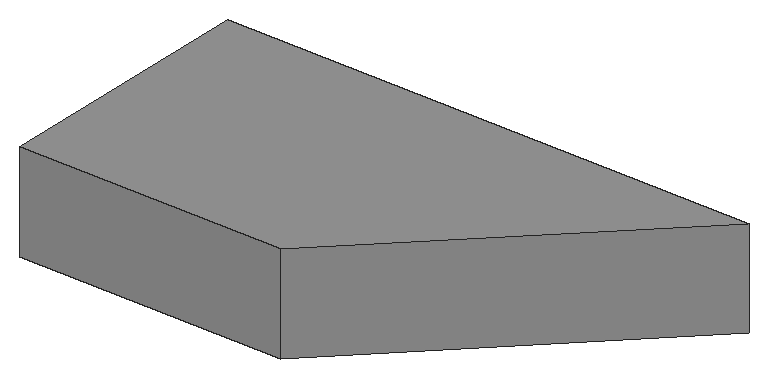
Revit family "Betonsteinplatte", category Allgemeines Modell, Revit 2016
Family settings
  Teiletyp = Normal
  Kann Basisbauteil für Bewehrung sein = Nein
  Bemaßung runder Anschluss = Durchmesser verwenden
  Arbeitsebenenbasiert = Nein
  Immer vertikal = Ja
  Beim Laden mit Abzugskörper schneiden = Nein
  Gemeinsam genutzt = Nein
  Raumberechnungspunkt = Nein
Parameters (values of type "City-Schraffur 424/212 Stein 2 Weiß gesprenkelt")
  www = "www.kronimus.de"
  verfügbare Steindicke in mm = "80"
  Systemstein = "Stein 2"
  Stein 2.1 = no
  Stein 2 = yes
  Stein 1 = no
  Stations-Kategorie = "3-7"
  Rastermaß L/ B in mm = "424/212"
  R-Wert  nach DIN 51130 = "R11"
  Produzent = "Kronimus AG, Iffezheim"
  Produktname = "City-Schraffur"
  Produktionsnorm = "DIN EN 1339"
  Produktfamilie = "Betonsteinplatte"
  Oberflächenbearbeitung = "geschliffen"
  Norm = "DIN EN 12878"
  Materialität = Nr. 276 DB Weiß gesprenkelt
  Material = "Natursteinvorsatz + Hinterbeton (zweischichtig)"
  LRV-Wert = "62,7"
  Hersteller = "Kronimus AG, Iffezheim"
  Gewicht/m² in kg 80,0mm = "180"
  GTIN - Nummer = "4060851016939"
  Frost- und Tausalzwiderstand (CDF) in g/m² im Mittel = "278"
  Fasenausbildung = "Minifase"
  Farbausführung = "Nr. 276 DB Weiß gesprenkelt"
  Email = "info@kronimus.de"
  Artikelnummer = "2-426308-276-07"
Types (6, lengths in mm): name | Systemstein | Stein 2.1 | Stein 2 | Stein 1 | Rastermaß L/ B in mm | Materialität | LRV-Wert | Hersteller | GTIN - Nummer | Farbausführung | Artikelnummer
  City-Schraffur 318/212  Stein 2.1 Anthrazit gesprenkelt | "Stein 2.1" | yes | no | no | "318/212" | Nr. 275 DB Anthrazit gesprenkelt | "10,63" | "Kronimus AG, Iffezheim" | "4060851016946" | "Nr. 275 DB Anthrazit gesprenkelt" | "2-426408-275-07"
  City-Schraffur 318/212 Stein 2.1 Weiß gesprenkelt | "Stein 2.1" | yes | no | no | "318/212" | Nr. 276 DB Weiß gesprenkelt | "62,7" | "Kronimus AG, Iffezheim" | "4060851016953" | "Nr. 276 DB Weiß gesprenkelt" | "2-426408-276-07"
  City-Schraffur 424/212 Stein 2 Weiß gesprenkelt | "Stein 2" | no | yes | no | "424/212" | Nr. 276 DB Weiß gesprenkelt | "62,7" | "Kronimus AG, Iffezheim" | "4060851016939" | "Nr. 276 DB Weiß gesprenkelt" | "2-426308-276-07"
  City-Schraffur 424/212  Stein 1 Weiß gesprenkelt | "Stein 1" | no | no | yes | "424/212" | Nr. 276 DB Weiß gesprenkelt | "62,7" | "Kronimus AG, Iffezheim" | "4060851016915" | "Nr. 276 DB Weiß gesprenkelt" | "2-422108-276-07"
  City-Schraffur 424/212  Stein 1 Anthrazit gesprenkelt | "Stein 1" | no | no | yes | "424/212" | Nr. 275 DB Anthrazit gesprenkelt | "10,63" | "Kronimus AG, Iffezheim" | "4060851016908" | "Nr. 275 DB Anthrazit gesprenkelt" | "2-422108-275-07"
  City-Schraffur 424/212 Stein 2 Anthrazit gesprenkelt | "Stein2" | no | yes | no | "424/212" | Nr. 275 DB Anthrazit gesprenkelt | "10,63" | 0 | "4060851016922" | "Nr. 275 DB Anthrazit gesprenkelt" | "2-426308-275-07"
Reference planes
  plane 1 "Mitte (Vorne/Hinten)": y = 0
  plane 2: z = 0
  plane 3 "Mitte (Links/Rechts)": x = 0
  plane 4: x = 424
  plane 5: y = 212
Forms (mm)
  Extrusion 1, solid, material "Nr. 276 DB Weiß gesprenkelt" <- "Materialität", visible <- "Stein 1"
    sketch origin (0, 0, 0) x (1, 0, 0) y (0, 1, 0)
      loop
        line (0, 0) -> (424, 0) -> (424, 212) -> (0, 212) -> (0, 0)
    from 0 to 80
  Extrusion 2, solid, material "Nr. 276 DB Weiß gesprenkelt" <- "Materialität", visible <- "Stein 2"
    sketch origin (0, 0, 0) x (1, 0, 0) y (0, 1, 0)
      loop
        line (0, 0) -> (212, 0) -> (424, 212) -> (0, 212) -> (0, 0)
    from 0 to 80
  Extrusion 3, solid, material "Nr. 276 DB Weiß gesprenkelt" <- "Materialität", visible <- "Stein 2.1"
    sketch origin (0, 0, 0) x (1, 0, 0) y (0, 1, 0)
      loop
        line (0, 0) -> (106, 0) -> (318, 212) -> (0, 212) -> (0, 0)
    from 0 to 80
Dimensions and locks
  aligned and locked: level to plane 2
